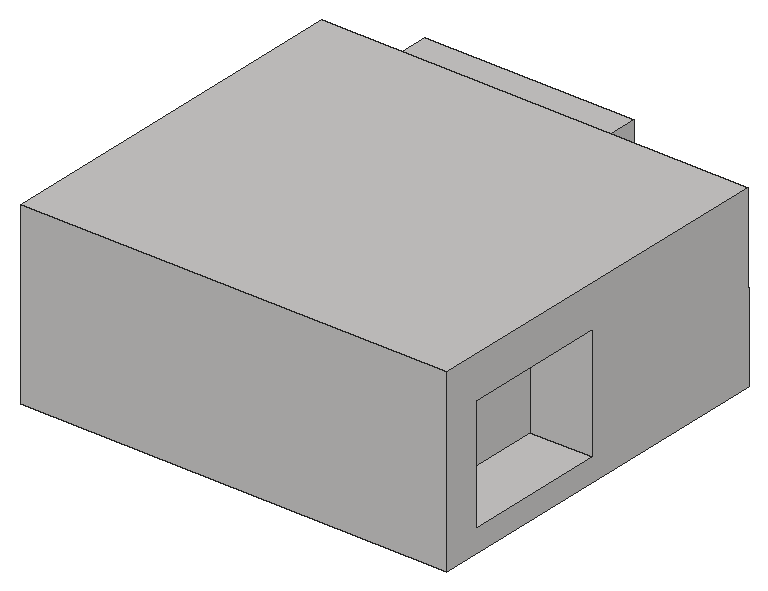
Revit family
Parameters
  Width = 3' - 0 1/8"
  Voltage = 120 V
  Unit Weight = "150.0 lbs"
  UltraLoc Liner = Choose Liner Option = 3  # no
  URL = "http://www.titus-hvac.com/"
  UL = "181"
  Supply Air Flow [instance] = 0 CFM
  SteriLoc Liner = Choose Liner Option = 2  # no
  Primary Air Pressure Drop [instance] = 0.00 in-wg
  Primary Air Flow [instance] = 0 CFM
  Plenum Air Pressure Drop [instance] = 0.00 in-wg
  Plenum Air Flow [instance] = 0 CFM
  Outlet Width = 1' - 2"
  Outlet Vertical Offset = 0' - 1 1/8"
  Outlet Horizontal Offset = 0' - 1 3/8"
  Outlet Height = 0' - 11"
  Number of Poles = 1
  Nominal Width = Width + 0' 6 1/4"  # 3' - 6 3/8"
  Nominal Length = Length + 0' 3 3/8"  # 3' - 8 1/4"
  Nominal Inlet Size = 0' - 10"
  Nominal Height = 1' - 5 1/8"
  NFPA = "90A"
  Motor Full Load Amps = 7 A
  Model = "DTQS"
  Min. Air Flow = 0 CFM
  Max. Air Flow = 0 CFM
  Material = Galvanized Steel
  Manufacturer = "Titus"
  Length = 3' - 4 7/8"
  Juction Box Offset = 0' - 4 7/8"
  Inlet Diameter = Nominal Inlet Size - 0' 0 1/8"  # 0' - 9 7/8"
  Induced Air Inlet Offset = 0' - 4 1/2"
  Induced Air Inlet Width = 1' - 1 1/4"
  Induced Air Inlet Height = 1' - 2 1/2"
  Induced Air Filter = no
  Heating Total Capacity [instance] = 0 Btu/h
  Half Outlet Connection Width = Outlet Width / 2  # 0' - 7"
  Half Outlet Connection Height = Outlet Height / 2  # 0' - 5 1/2"
  Half Height Start = -(Nominal Height / 2)  # -0' - 8 9/16"
  Half Height End = Nominal Height / 2  # 0' - 8 9/16"
  HP-Motor = "1/4"
  Frequency = 60 Hz
  Filter Size = "19\"x17\""
  Fiber Free Liner = Choose Liner Option = 1  # no
  Fan Disconnect Switch = no
  Duct Radius = Nominal Inlet Size / 2  # 0' - 5"
  Description = "Series Fan Powered Terminal Unit, Direct Digital Control, Pressure Independent"
  Connection Void Radius = Connection Radius - 0' 0 1/4"  # 0' - 4 11/16"
  Connection Radius = Inlet Diameter / 2  # 0' - 4 15/16"
  Choose Liner Option = 0
  CADworks URL = "www.CADworks.net"
  Assembly Code = "D3040100"
  Apparent Power = Voltage * Motor Full Load Amps  # 840 VA
  Air Inlet Offset = 0' - 7"
  1/2" Fiberglass Liner = Choose Liner Option = 0  # yes
Reference planes (in)
  plane 1 "Center (Front/Back)": y = 0
  plane 2: z = 0
  plane 3 "Center (Left/Right)": x = 3
  plane 4: x = -17.4375
  plane 5: x = 23.4375
  plane 6: x = -12.5625
  plane 7: x = -20.8125
  plane 8 "Center (Elevation)": z = 0
  plane 9: y = -18.0625
  plane 10: y = 18.0625
  plane 11: y = 11.0625
  plane 12: y = -13.5625
  plane 13: x = -11.4375
  plane 14: x = 17.4375
  plane 15: y = 24.3125
  plane 16: z = 8.5625
  plane 17: z = -8.5625
Forms (in)
  Extrusion 1, solid, material "Galvanized Steel" <- "Material"
    sketch origin (61, -3.76302, 78.80279) x (1, 0, 0) y (0, 1, 0)
      loop
        line (-78.4375, 21.82552) -> (-78.4375, -14.29948) -> (-37.5625, -14.29948) -> (-37.5625, 21.82552) -> (-78.4375, 21.82552)
    from -87.36529 <- "Half Height Start" to -70.24029 <- "Half Height End"
  Extrusion 2, solid, material "Galvanized Steel" <- "Material"
    sketch origin (6.0625, 0, 42) x (1, 0, 0) y (0, 1, 0)
      loop
        line (-18.625, 18.0625) -> (1.375, 18.0625) -> (1.375, 24.3125) -> (-18.625, 24.3125) -> (-18.625, 18.0625)
    from -48 to -36
  Extrusion 3, void
    sketch origin (23.4375, 18.0625, 76.42779) x (0, 1, 0) y (0, 0, -1)
      loop
        line (-18.625, 71.86529) -> (-18.625, 82.86529) -> (-32.625, 82.86529) -> (-32.625, 71.86529) -> (-18.625, 71.86529)
    from 0 to 6
  Extrusion 4, solid, material "Galvanized Steel" <- "Material"
    sketch origin (-24.875, -0.4375, 0) x (0, 0, -1) y (0, 1, 0)
      loop
        circle (0, 11.5) r 4.9375
    from 4.0625 to 7.4375
  Extrusion 5, void
    sketch origin (-24.875, 0, 0) x (0, 1, 0) y (0, 0, 1)
      loop
        circle (11.0625, 0) r 4.6875
    from 4.0625 to 13.4375
  Extrusion 6, void
    sketch origin (-17.4375, -18.0625, 78.67779) x (0, -1, 0) y (0, 0, -1)
      loop
        line (-17.75, 71.49029) -> (-4.5, 71.49029) -> (-4.5, 85.99029) -> (-17.75, 85.99029) -> (-17.75, 71.49029)
    from 0 to 6
Cuts and joins
  Extrusion 3, Extrusion 5, Extrusion 6 cuts Extrusion 1
  Extrusion 5 cuts Extrusion 4
Dimensions and locks (in)
  "Length": plane 5 to plane 4
  equal spacing: plane 5, plane 3 "Center (Left/Right)", plane 4
  locked: Extrusion 2 to plane 6 at 0
  locked: Extrusion 2 to Extrusion 2 at 20
  "Juction Box Offset": plane 6 to plane 4
  "Outlet Height": Extrusion 3 sketch curve to Extrusion 3 sketch curve
  "Outlet Width": Extrusion 3 sketch curve to Extrusion 3 sketch curve
  locked: plane 4 to plane 7 at 3.375
  "Width": plane 9 to plane 10
  equal spacing: plane 9, plane 1 "Center (Front/Back)", plane 10
  locked: Extrusion 4 sketch curve to level at 0
  locked: Extrusion 4 sketch curve to plane 11 at 0
  locked: Extrusion 5 sketch curve to level at 0
  locked: Extrusion 5 sketch curve to plane 11 at 0
  locked: Extrusion 2 to Extrusion 2 at 6.25
  "Air Inlet Offset": plane 10 to plane 11
  locked: Extrusion 2 to plane 10 at 0
  locked: cut or joined group of Extrusion 4, Extrusion 5 to plane 7 at 0
  locked: cut or joined group of Extrusion 4, Extrusion 5 to cut or joined group of Extrusion 4, Extrusion 5 at 3.375
  "Induced Air Inlet Offset": plane 9 to plane 12
  "Induced Air Inlet Width": Extrusion 6 sketch curve to Extrusion 6 sketch curve
  "Induced Air Inlet Height": Extrusion 6 sketch curve to Extrusion 6 sketch curve
  "Induced Air Inlet Offset": Extrusion 6 sketch curve to plane 9
  locked: plane 9 to Extrusion 3 sketch curve at 3.5
  cut or joined group of Extrusion 1, Extrusion 3, Extrusion 5, Extrusion 6 to Extrusion 6 sketch curve = 0' - 1 3/8"
  cut or joined group of Extrusion 1, Extrusion 3, Extrusion 5, Extrusion 6 to Extrusion 3 sketch curve = 0' - 2 1/8"
  locked: Extrusion 2 to Extrusion 2 at 12
  equal spacing: Extrusion 2, level, Extrusion 2
  locked: cut or joined group of Extrusion 1, Extrusion 3, Extrusion 5, Extrusion 6 to cut or joined group of Extrusion 1, Extrusion 3, Extrusion 5, Extrusion 6 at 17.125
  equal spacing: cut or joined group of Extrusion 1, Extrusion 3, Extrusion 5, Extrusion 6, level, cut or joined group of Extrusion 1, Extrusion 3, Extrusion 5, Extrusion 6
  locked: plane 4 to plane 13 at 6
  locked: plane 14 to plane 5 at 6
  "Connection Radius": radius of Extrusion 4 sketch curve
  "Connection Void Radius": radius of Extrusion 5 sketch curve
  aligned and locked: cut or joined group of Extrusion 1, Extrusion 3, Extrusion 5, Extrusion 6 to plane 10
  aligned and locked: plane 9 to cut or joined group of Extrusion 1, Extrusion 3, Extrusion 5, Extrusion 6
  aligned and locked: plane 5 to cut or joined group of Extrusion 1, Extrusion 3, Extrusion 5, Extrusion 6
  aligned and locked: cut or joined group of Extrusion 1, Extrusion 3, Extrusion 5, Extrusion 6 to plane 4
  aligned and locked: Extrusion 3 to plane 14
  aligned and locked: plane 13 to Extrusion 6
  aligned and locked: Extrusion 6 to Extrusion 5
Automatic sketch dimensions
  plane 4 to Extrusion 1 sketch curve = 0' - 0"
  plane 5 to Extrusion 1 sketch curve = 0' - 0"
  plane 9 to Extrusion 1 sketch curve = 0' - 0"
  plane 10 to Extrusion 1 sketch curve = 0' - 0"
  Extrusion 2 sketch curve to plane 6 = 0' - 0"
  Extrusion 2 sketch curve to plane 10 = 0' - 0"
  plane 3 "Center (Left/Right)" to Extrusion 2 sketch curve = 0' - 4 7/16"
  Extrusion 2 sketch curve to plane 10 = 0' - 6 1/4"
Connectors (in)
  electrical at (-2.5625, 24.3125, 0), driven by "Apparent Power", driven by "Voltage", driven by "Number of Poles"
    settings: on Extrusion 2, index 8
  hvac at (-20.8125, 11.0625, 0), driven by "Primary Air Flow", driven by "Duct Radius", driven by "Primary Air Pressure Drop"
    settings: on cut or joined group of Extrusion 4, Extrusion 5, index 9
  hvac at (-17.4375, -6.9375, -0.0625), driven by "Induced Air Inlet Width", driven by "Induced Air Inlet Height", driven by "Plenum Air Pressure Drop", driven by "Plenum Air Flow"
    settings: on cut or joined group of Extrusion 1, Extrusion 3, Extrusion 5, Extrusion 6, index 14
  hvac at (23.4375, -7.5625, -0.9375), driven by "Supply Air Flow", driven by "Outlet Width", driven by "Outlet Height"
    settings: on cut or joined group of Extrusion 1, Extrusion 3, Extrusion 5, Extrusion 6, index 15
